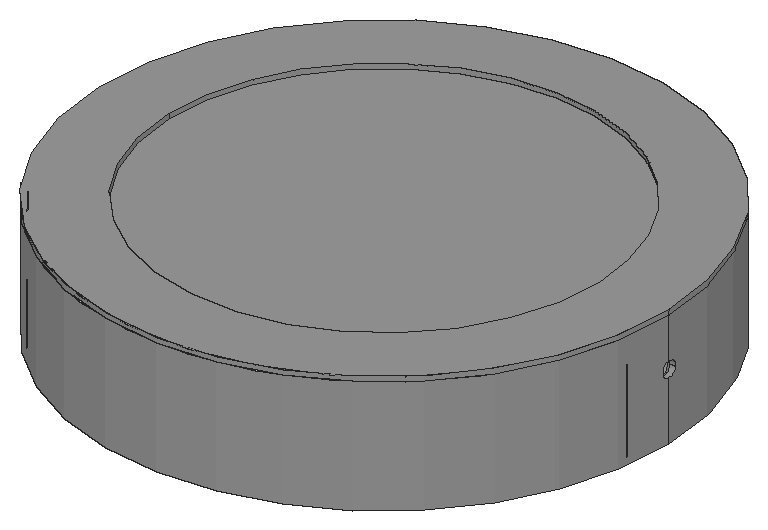
Revit family "Lilja 12W Surface mount", category Lighting Fixtures, host Face, Revit 2018
Family settings
  Host = Face
  Round Connector Dimension = Use Diameter
  Part Type = Normal
  OmniClass Number = 23.80.70.11.11
  OmniClass Title = General Luminaries, Non Directional
  Cut with Voids When Loaded = No
  Light Source = Yes
  Shared = No
  Room Calculation Point = No
Parameters (values of type "Lilja 12W Surface mount, Neutral White, 230V - 02PP996N011R01")
  Wattage Comments = "12W"
  Wattage = 12 W
  built-in parameter 1150110 = 1 (stored number, unit not read)
  Voltage = 230 V
  URL = "www.winled.fi"
  Type Image = Lilja 12W pinta.png
  built-in parameter 1114217 = 1 (stored number, unit not read)
  Tilt Angle = -90.00°
  built-in parameter 1150109 = 1 (stored number, unit not read)
  built-in parameter 1150134 = 12
  built-in parameter 1150113 = 1 (stored number, unit not read)
  Product Number = "02PP996N011R01"
  Position Number = ""
  Photometric Web File = "Lilja 12W NV pinta.ies"
  Operating Temperature Range = "-20° to +40°C"
  Model = "Lilja 12W surface"
  Manufacturer = "Winled Oy Ltd"
  built-in parameter 1150105 = 74.007 (stored number, unit not read)
  Lumens = 930 lm
  built-in parameter 1150115 = 1 (stored number, unit not read)
  Lumens Output = "930lm"
  built-in parameter 1150137 = (empty or 0)
  built-in parameter 1150139 = (empty or 0)
  Lifetime L70 = "50000h"
  Last Updated = "25.2.2016"
  built-in parameter 1150112 = 1 (stored number, unit not read)
  built-in parameter 1150114 = 1 (stored number, unit not read)
  Lamp = "LED"
  built-in parameter 1150132 = (empty or 0)
  built-in parameter 1150102 = (empty or 0)
  built-in parameter 1150107 = 4000 (stored number, unit not read)
  built-in parameter 1150138 = (empty or 0)
  built-in parameter 1150106 = 0.74007 (stored number, unit not read)
  IP Code = "IP40"
  Housing Material = "Aluminium"
  built-in parameter 1150104 = 7.2 (stored number, unit not read)
  Driver = "Separate"
  Directivity = "No"
  Dimming Lamp Color Temperature Shift = <None>
  Dimmable = "Yes"
  Dimensions = "170mm x 36mm"
  Description = "Downlight"
  Depth = "-"
  Default Elevation = 1219.2 mm
  Cutout = "-"
  Color Temperature = "4000K"
  Color Filter = 16777215
  Casing Color = "White"
  CRI = "80"
  Beam Angle = "120°"
  built-in parameter 1114218 = 1 (stored number, unit not read)
  built-in parameter 1150133 = 10 (stored number, unit not read)
Types (3, lengths in mm): name | built-in parameter 1150134 | Product Number | Photometric Web File | built-in parameter 1150105 | Lumens | Lumens Output | built-in parameter 1150107 | built-in parameter 1150106 | built-in parameter 1150104 | Color Temperature
  (no name) | 12 | "02PP996N011R01" | "Lilja 12W NV pinta.ies" | 74.007 (stored number, unit not read) | 930 lm | "930lm" | 4000 (stored number, unit not read) | 0.74007 (stored number, unit not read) | 7.2 (stored number, unit not read) | "4000K"
  Lilja 12W Surface mount, Neutral White, 230V - 02PP996N011R01 | 12 | "02PP996N011R01" | "Lilja 12W NV pinta.ies" | 74.007 (stored number, unit not read) | 930 lm | "930lm" | 4000 (stored number, unit not read) | 0.74007 (stored number, unit not read) | 7.2 (stored number, unit not read) | "4000K"
  Lilja 12W Surface mount, Warm White, 230V - 02PP996L011R01 | (empty or 0) | "02PP996L011R01" | "Lilja 12W LV pinta.ies" | 67.561 (stored number, unit not read) | 849 lm | "849lm" | 3000 (stored number, unit not read) | 0.67561 (stored number, unit not read) | 6.5729 (stored number, unit not read) | "3000K"
Reference planes
  plane 1 "Center (Front/Back)": y = 0
  plane 2: z = 0
  plane 3 "Center (Left/Right)": x = 0
Lines and regions (mm)
  symbolic lines
    curve 1: circle (0, 0, 0) r 85 normal (0, 0, 1)
    curve 2: line (-60.104, -60.104, 0) -> (60.104, 60.104, 0)
    curve 3: line (-60.104, 60.104, 0) -> (60.104, -60.104, 0)
Dimensions and locks
  aligned and locked: plane 2 to host face
  aligned and locked: level to host face
Nested families
  nested 1: "Lilja 12W pinta" at (0, 0, 0), type "Lilja 12W pinta"
Connectors
  electrical at (0, 0, 0), driven by "Voltage"
    settings: on nested 1, index 1, voltage 230 V, apparent load 0 VA, apparent load phase1 12 VA, apparent load phase2 0 VA, apparent load phase3 0 VA, power factor 1, load classification "Lighting", number of poles 1, system type 31, power factor state 1, is connector primary yes, connector utility no, sub classification motor no, connector description ""
Definition of nested family "Lilja 12W pinta"
  Reference planes
    plane 1 "Center (Front/Back)": y = 0
    plane 2: z = 0
    plane 3 "Center (Left/Right)": x = 0
  Forms (mm)
    Extrusion 1, solid
      sketch origin (0, 0, 0) x (1, 0, 0) y (0, 1, 0)
        loop
          circle (0, 0) r 85
      from 36 to 34.6
    Extrusion 2, solid
      sketch origin (0, 0, 0) x (1, 0, 0) y (0, 1, 0)
        loop
          circle (0, 0) r 85
        loop
          arc (-82.853, 11.15) -> (-83.6, 0) -> (-82.853, -11.15) r 83.6
          line (-82.853, -11.15) -> (-81.333, -11.15)
          arc (-81.333, -11.15) -> (-77.253, -11.85) -> (-81.333, -12.55) r 2.1
          line (-81.333, -12.55) -> (-82.653, -12.55)
          arc (-82.653, -12.55) -> (0, -83.6) -> (82.653, -12.55) r 83.6
          line (82.653, -12.55) -> (81.333, -12.55)
          arc (81.333, -12.55) -> (77.253, -11.85) -> (81.333, -11.15) r 2.1
          line (81.333, -11.15) -> (82.853, -11.15)
          arc (82.853, -11.15) -> (83.6, 0) -> (82.853, 11.15) r 83.6
          line (82.853, 11.15) -> (81.333, 11.15)
          arc (81.333, 11.15) -> (77.253, 11.85) -> (81.333, 12.55) r 2.1
          line (81.333, 12.55) -> (82.653, 12.55)
          arc (82.653, 12.55) -> (0, 83.6) -> (-82.653, 12.55) r 83.6
          line (-82.653, 12.55) -> (-81.333, 12.55)
          arc (-81.333, 12.55) -> (-77.253, 11.85) -> (-81.333, 11.15) r 2.1
          line (-81.333, 11.15) -> (-82.853, 11.15)
      from 0 to 34.6
    Extrusion 3, solid
      sketch origin (0, 0, 0) x (1, 0, 0) y (0, 1, 0)
        loop
          circle (0, 0) r 74.55
      from 24 to 34.6
    Extrusion 4, void
      sketch origin (0, 0, 0) x (1, 0, 0) y (0, 1, 0)
        loop
          circle (0, 0) r 64.3
      from 36 to 34.6
    Extrusion 5, void
      sketch origin (0, 0, 0) x (0, 1, 0) y (0, 0, 1)
        loop
          circle (0, 20) r 2.3
      from 88.196 to 82.263
    Extrusion 6, void
      sketch origin (0, 0, 0) x (0, 1, 0) y (0, 0, -1)
        loop
          circle (0, -20) r 2.3
      from 88.196 to 82.263
    Extrusion 7, solid, detail levels fine
      sketch origin (0, 0, 0) x (1, 0, 0) y (0, 1, 0)
        loop
          line (-83.029, 9.75) -> (-83.029, -9.75) -> (-28.371, -9.75)
          arc (-28.371, -9.75) -> (0, -30) -> (28.371, -9.75) r 30
          line (28.371, -9.75) -> (83.029, -9.75) -> (83.029, 9.75) -> (28.371, 9.75)
          arc (28.371, 9.75) -> (0, 30) -> (-28.371, 9.75) r 30
          line (-28.371, 9.75) -> (-83.029, 9.75)
        loop
          circle (0, 0) r 7.4
        loop
          circle (0, 24) r 2.5
        loop
          circle (0, -24) r 2.5
        loop
          arc (-50.7, -2.3) -> (-48.4, 0) -> (-50.7, 2.3) r 2.3
          line (-50.7, 2.3) -> (-60.85, 2.3)
          arc (-60.85, 2.3) -> (-63.15, 0) -> (-60.85, -2.3) r 2.3
          line (-60.85, -2.3) -> (-50.7, -2.3)
        loop
          line (50.7, -2.3) -> (60.85, -2.3)
          arc (60.85, -2.3) -> (63.15, 0) -> (60.85, 2.3) r 2.3
          line (60.85, 2.3) -> (50.7, 2.3)
          arc (50.7, 2.3) -> (48.4, 0) -> (50.7, -2.3) r 2.3
      from 0 to 1.4
    Extrusion 8, solid, detail levels fine
      sketch origin (0, 0, 0) x (0, 1, 0) y (0, 0, 1)
        loop
          line (9.75, 0) -> (9.75, 20.8)
          arc (9.75, 20.8) -> (0, 30.55) -> (-9.75, 20.8) r 9.75
          line (-9.75, 20.8) -> (-9.75, 0) -> (9.75, 0)
        loop
          circle (0, 20) r 2.3
      from 81.6 to 83.029
    Extrusion 9, solid, detail levels fine
      sketch origin (0, 0, 0) x (0, 1, 0) y (0, 0, -1)
        loop
          line (9.75, 0) -> (-9.75, 0) -> (-9.75, -20.8)
          arc (-9.75, -20.8) -> (0, -30.55) -> (9.75, -20.8) r 9.75
          line (9.75, -20.8) -> (9.75, 0)
        loop
          circle (0, -20) r 2.3
      from 81.6 to 83.029
  Cuts and joins
    Extrusion 4 cuts Extrusion 1
    Extrusion 4 cuts Extrusion 3
    Extrusion 5, Extrusion 6 cuts Extrusion 2
  Dimensions and locks
    aligned and locked: level to plane 2
